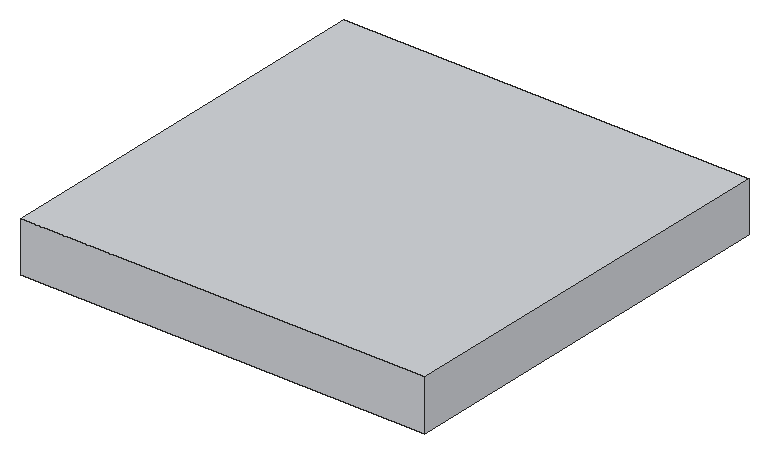
Revit family "00-5697-05-DC", category Luminarias, Revit 2017
Family settings
  Anfitrión = Cara
  Cota de conector redondo = Diámetro de uso
  Tipo de pieza = Normal
  Número OmniClass = 23.80.70.00
  Título OmniClass = Lighting
  Corte con vacíos al cargar = No
  Origen de luz = No
  Compartido = Sí
  Punto de cálculo de habitación = No
Parameters (values of type "00-5697-05-DC")
  Versión = "v1"
  Vatios (W) = 8.6
  Tipo de regulación = ""
  Tipo = "Colgante"
  Tender text (English) = "LEDS C4\nEclipse Tubular\n00-5697-05-DCV2\n\nPendant for indoor use. \n\nFor downlighting. Structure material: Steel, cement. Structure finish: Black, Cement. Warranty: 5 Years.\n\nProduct net weight (Kg): 0.920\nProduct width or diameter (mm): Ø110\nProduct height (mm): Max 1800\n\nClass 2. IP: IP20. LED. Maximum length of luminaire bulb: 1825.000. Maximum diameter of luminaire bulb: 100.000. No. of lampholders or LEDs: 1. LED brand: CREE. Driver brand: EAGLERISE. Maximum power of light source: 7W. Colour temperature: LED warm-white 2700K. Colour rendering index: 80. MacAdam Steps: 2. Maximum diameter of luminaire bulb: 50.000h L80B20. UGR:  17.3. Photobiological risk: RG1. Real flux (lm): 118. Nominal flux (lm): 615. Lm/Real W: 14. Voltage and frequency range: 100-240. Voltage: 9. Gear included: Yes, electronic. Total power: 8.6. Power factor: 0.55."
  Tender text (Castellano) = "LEDS C4\nEclipse Tubular\n00-5697-05-DCV2\n\nColgante de uso interior para iluminar hacia abajo. \nMaterial estructura: Acero, Cemento. Acabado estructura: Negro, Cemento. Garantía: 5 Años.\n\nPeso neto del producto (Kg): 0.920\nAnchura o diámetro del producto (mm): Ø110\nAltura del producto (mm): Max 1800\n\nClase 2. IP: IP20. LED. Longitud máxima de la bombilla que admite la luminaria: 1825.000. Diámetro máximo de la bombilla que admite la luminaria: 100.000. Nº de portalámparas o Leds: 1. Marca del LED: CREE. Marca del Driver: EAGLERISE. Potencia máxima de la fuente de luz: 7W. Temperatura de color: Blanco cálido - 2700K. Índice de reproducción cromática: 80. Steps Mac Adam: 2. Diámetro máximo de la bombilla que admite la luminaria: 50.000h L80B20. UGR:  17.3. Riesgo fotobiológico: RG1. Flujo real (lm): 118. Flujo nominal (lm): 615. Lm/W reales: 14. Rango de voltaje/frecuencia: 100-240. Voltaje: 9. Equipo incluido: Si, electrónico. Potencia total: 8.6. Factor de potencia: 0.55."
  Temperatura color led (K) = "Blanco cálido - 2700K"
  Referencia = "00-5697-05-DC"
  Rayo de luz = "FLOOD"
  Producto descatalogado = "Catalogado ES"
  Pluma comercial = "http://files.leds-c4.com/pl/00-5697-05-DCV2.html"
  Peso neto (KG) = 0.92
  Material = "Acero, Cemento"
  Lumenes reales (lm) = 118
  LDT = "http://files.leds-c4.com/ldt/00-5697-05-DCV2.html"
  Imagen web = "http://files.leds-c4.com/main-photo/00-5697-05-DCV2"
  IfcExportType = "NOTDEFINED"
  IfcExportAs = "IfcLightFixture\r\nIfcLightFixture"
  IP = "IP20"
  IMC = "http://files.leds-c4.com/imc/00-5697-05-DCV2.html"
  IK = ""
  Fuente de luz = "1xLED 7 615.00 lm"
  Fotometría = "http://files.leds-c4.com/fm/00-5697-05-DCV2.html"
  Ficha = "http://files.leds-c4.com/ft/es/00-5697-05-DCV2.html"
  FechaVersion = "Julio 2020"
  Familia = "Eclipse Tubular"
  Fabricante = "LEDS C4"
  Etiqueta V/f = "100-240V/50-60Hz"
  Elevación por defecto = 1000 mm
  Eficiencia energética = "LED A++"
  EAN13 = "8435381494513"
  DescripcionUniformat2010 = "Lighting"
  DescripcionUniclass2015 = "Lighting"
  DescripcionOmniclass = "Lighting"
  DescripcionGubimclass = "Iluminación interior"
  CodigoUniformat2010 = "D5040"
  CodigoUniclass2015 = "EF_70_80"
  CodigoOmniclass = "21-04 50 40"
  CodigoGubimclass = "50.60.50.20"
  Catálogo = "Decorative"
  Carga aparente = 0 VA
  CRI = 80
  Acabado = "Negro, Cemento"
Types (2, lengths in mm): name | Lumenes reales (lm) | CRI
  (no name) | 0 | 0
  00-5697-05-DC | 118 | 80
Values of the unnamed type that differ from the named types
  Vatios (W) = 0
  Tipo = ""
  Tender text (English) = ""
  Tender text (Castellano) = ""
  Temperatura color led (K) = ""
  Referencia = ""
  Rayo de luz = ""
  Producto descatalogado = ""
  Pluma comercial = ""
  Peso neto (KG) = 0
  Material = ""
  LDT = ""
  Imagen web = ""
  IP = ""
  IMC = ""
  Fuente de luz = ""
  Fotometría = ""
  Ficha = ""
  Familia = ""
  Etiqueta V/f = ""
  Eficiencia energética = ""
  EAN13 = ""
  Catálogo = ""
  Acabado = ""
Reference planes
  plane 1 "Centro (Frontal/Posterior)": y = 0
  plane 2: z = 0
  plane 3 "Centro (Izquierda/Derecha)": x = 0
  plane 4 "Elevación de origen de luz": z = 0
  plane 5 "Eje de origen de luz (F/P)": y = 0
  plane 6 "Eje de origen de luz (I/D)": x = 0
Forms (mm)
  Extrusion 1, solid
    sketch origin (0, 0, 0) x (1, 0, 0) y (0, 1, 0)
      loop
        line (-1219.2, 1219.2) -> (-1219.2, -1219.2) -> (1219.2, -1219.2) -> (1219.2, 1219.2) -> (-1219.2, 1219.2)
    from 0 to -304.8
Dimensions and locks
  aligned and locked: plane 2 to Extrusion 1
  aligned and locked: level to Extrusion 1
Nested families
  nested 1: "Luz anidada" at (0, -0.058, 530.411), type "Tipo1"
Connectors
  electrical at (0, 0, 0)
    settings: on Extrusion 1, index 1, voltage 0 V, apparent load 0 VA, apparent load phase1 0 VA, apparent load phase2 0 VA, apparent load phase3 0 VA, power factor 1, load classification "Otro", number of poles 1, system type 31, power factor state 1, is connector primary yes, connector utility no, sub classification motor no, connector description ""
Definition of nested family "Luz anidada"
  Parameters (values of type "Tipo1")
    Tilt Angle = 90.00°
    Wattage = 8.6 W
    Tipo de regulación = ""
    Tipo = ""
    Tender text = ""
    built-in parameter 1150110 = 1 (stored number, unit not read)
    Pluma comercial = ""
    Material = ""
    Imagen = ""
    IP = ""
    IMC = ""
    IK = ""
    Fotometría = ""
    Ficha = ""
    Familia = ""
    Estado en catálogo = ""
    Peso neto = ""
    built-in parameter 1150142 = "IESNA:LM-63-1995\r\n[TEST] CL116A17F014G\r\n[DATE] 20 Jan 2017\r\n[MANUFAC] LED´S C4\r\n[LUMCAT] 00-5697-05-DC\r\n[LUMINAIRE] Colgante ECLIPSE 7W 2700K\r\n[FLASHAREA] 0.000062\r\n[LAMPCAT] 00-5697-05-DC\r\n[LAMP] Colgante ECLIPSE 7W 2700K\r\n[OTHER] Absolute Photometry\r\nTILT=NONE\r\n1 -1 1.0 19 7 1 2 -0.018 0.000 0.000\r\n1.00 1.00 8.36\r\n0.00 5.00 10.00 15.00 20.00 25.00 30.00 35.00 40.00 45.00 \r\n50.00 55.00 60.00 65.00 70.00 75.00 80.00 85.00 90.00 \r\n0.00 15.00 30.00 45.00 60.00 75.00 90.00 \r\n113.27 112.19 108.36 102.04 93.08 82.86 71.69 60.47 50.18 \r\n41.05 33.84 27.25 21.87 17.07 12.78 8.99 5.53 2.31 0.39 \r\n113.27 111.96 107.86 102.18 92.98 83.41 71.37 60.13 49.94 \r\n40.88 33.60 26.98 21.74 16.85 12.59 8.96 5.43 2.44 0.40 \r\n113.27 111.90 108.37 101.62 93.91 82.84 71.53 60.03 49.62 \r\n41.10 33.13 27.34 21.54 16.97 12.63 8.79 5.57 2.22 0.39 \r\n113.27 111.96 108.30 101.78 93.35 82.31 71.06 59.67 49.33 \r\n40.61 32.87 26.76 21.27 16.86 12.59 8.86 5.47 2.29 0.38 \r\n113.27 112.03 108.17 102.30 93.13 82.84 71.04 59.59 49.27 \r\n40.45 32.98 26.53 21.39 16.63 12.52 8.82 5.53 2.38 0.40 \r\n113.27 112.02 108.29 102.02 92.57 82.13 70.28 58.82 48.53 \r\n39.89 32.66 26.17 21.18 16.45 12.40 8.77 5.39 2.40 0.38 \r\n113.27 112.13 108.55 101.88 93.87 82.46 71.50 59.38 48.46 \r\n40.08 32.36 26.67 21.06 16.85 12.45 8.74 5.41 2.22 0.41 \r\n"
    Lamp = ""
    built-in parameter 1114217 = 1 (stored number, unit not read)
    built-in parameter 1150109 = 1 (stored number, unit not read)
    Etiqueta vf = ""
    Eficiencia energética = ""
    EAN13 = ""
    built-in parameter 1150134 = (empty or 0)
    built-in parameter 1150113 = 1 (stored number, unit not read)
    Lumens = 2391 lm
    built-in parameter 1150115 = 1 (stored number, unit not read)
    built-in parameter 1150105 = 109.82 (stored number, unit not read)
    built-in parameter 1150137 = (empty or 0)
    built-in parameter 1150139 = (empty or 0)
    built-in parameter 1150112 = 1 (stored number, unit not read)
    built-in parameter 1150114 = 1 (stored number, unit not read)
    built-in parameter 1150132 = (empty or 0)
    built-in parameter 1150102 = (empty or 0)
    built-in parameter 1150138 = (empty or 0)
    built-in parameter 1150107 = 2700 (stored number, unit not read)
    built-in parameter 1150106 = 1.0982 (stored number, unit not read)
    built-in parameter 1150104 = 1.2747 (stored number, unit not read)
    Catálogo = ""
    Dimming Lamp Color Temperature Shift = (empty or 0)
    Color Filter = 16777215
    built-in parameter 1114218 = 1 (stored number, unit not read)
    CRI = 0
    Photometric Web File = "00-5697-05-DC.ies"
    Acabado = ""
    built-in parameter 1150133 = 10 (stored number, unit not read)
  Values of the unnamed type that differ from the named types
    Wattage = 9.86667 W
    built-in parameter 1150104 = 5.1881 (stored number, unit not read)
  Reference planes
    plane 1 "Eje de origen de luz (F/P)": y = 0
    plane 2: z = 0
    plane 3 "Eje de origen de luz (I/D)": x = 0
    plane 4 "Elevación de origen de luz": z = 0
  Dimensions and locks
    aligned and locked: plane 3 "Eje de origen de luz (I/D)" to imposter light
    aligned and locked: plane 1 "Eje de origen de luz (F/P)" to imposter light
    aligned and locked: plane 4 "Elevación de origen de luz" to imposter light
    aligned and locked: level to plane 2
